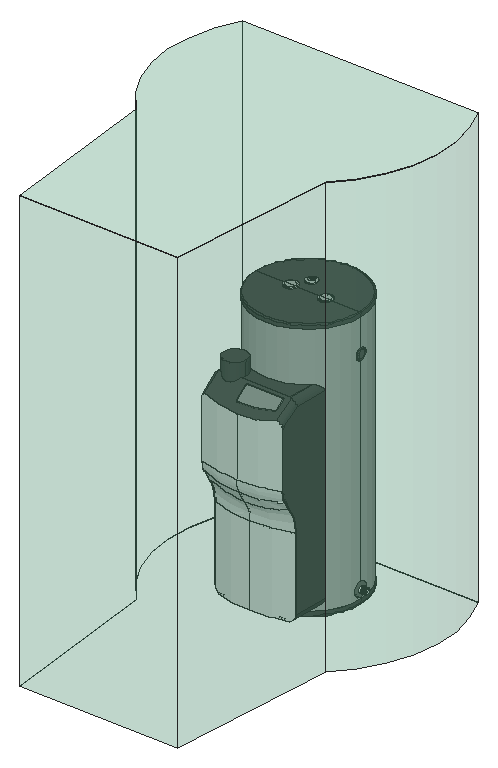
Revit family "Innovo GB_IR 32 285 GB LP", category Mechanical Equipment, Revit 2015
Parameters (values of type "IR-32-285 GB LP")
  Workspace Radius = Diameter + 170 mm  # 780 mm
  Workspace Height = Height + 1000 mm  # 2545 mm
  Workspace Front Distance = 1000 mm
  Working only during off-peak hour = no
  Width = Diameter  # 610 mm
  Workspace [instance] = yes
  Water heating energy efficiency class (2) = "-"
  Water heating energy efficiency class (1) = "A"  # constant formula
  Water heating energy efficiency (2) = "-"
  Water heating energy efficiency (1) = "92%"
  Warranty on tank = "36 months"  # constant formula
  Warranty on parts = "12 months"  # constant formula
  Voltage = 230 V  # constant formula
  Valve Height 02 = if(and(Height = 1745 mm, Diameter = 675 mm), 1518 mm, if(and(Height = 1745 mm, Diameter = 610 mm), 1534 mm, if(Height = 1545 mm, 1328 mm, 1070 mm)))  # 1328 mm
  Valve Height 01 = if(and(Diameter > 560 mm), 693 mm, 604 mm)  # 693 mm
  URL = "www.aosmith.co.uk"
  Type of Packaging = "Carton and Wood"  # constant formula
  Transport Weight = 136 kg
  Trade mark = "A.O. Smith"  # constant formula
  Thermostat temperature setting = 65 °C  # constant formula
  T&P Connection Rp = 1"
  Storage Capacity = 245.0 L
  Standard Set For = "G20"
  Stand-by Loss - daily (24h) = 0 W
  Stand-by Loss = 0 W
  Smart control = no
  Serial Number = "8717449286293"
  Seasonal Energy Efficiency Rating = [Energy Efficiency Rating (Hs, acc NEN-EN 89-1999)]  # 95
  Recovery Rate @ ΔT = 70°C = 380.0 L/s
  Recovery Rate @ ΔT = 55°C = 480.0 L/s
  Recovery Rate @ ΔT = 50°C = 530.0 L/s
  Recovery Rate @ ΔT = 44°C = 600.0 L/s
  Recovery Rate @ ΔT = 28°C = 960.0 L/s
  Product Instruction Link = ""
  Product Documentation Link = ""
  Precaustions during assembling, installation or maintenance = "see User, Installation, Service and Maintenance Manual"  # constant formula
  Power Consumption (peak) = 105 W
  Power Consumption (nominal) = 85 W
  Phase = 1
  Packaging Width = 786 mm  # constant formula
  Packaging Length = 946 mm  # constant formula
  Packaging Height = 1695 mm
  Other load profile = "-"
  Operating Weight = 381 kg
  Nominal Output = "30700"
  Nominal Heat Input (Net) = "29000"
  Nominal Heat Input (Gross) = "32200"
  Noice-level dB (A) = "<45"  # constant formula
  NOx Emissions mg/kWh = "37"
  NOx Emissions (air free, 0% O2) ppm = "24"
  Model identifier = "IR-32-245"
  Model = "IR-32-325 GB NAT"
  Min. Setpoint = 40 °C  # constant formula
  Max. Setpoint = 85 °C  # constant formula
  Max. Operating Pressure = 800000.0 Pa
  Max. Flue Gas Outlet Temperature = 65 °C
  Manufacturer Number = "E 7110"  # constant formula
  Manufacturer = "A.O. Smith Water Products Company b.v."  # constant formula
  Maintenance Interval = "12 months"  # constant formula
  Load profile = "XXL"
  Length = 780 mm  # constant formula
  Insulation Thickness = 44 mm
  Installation Type = "B23/C13/C33/C43/C53/C63"  # constant formula
  Indoor sound power level = "58 dB"
  Hot / Warm Water Connection R = 1"
  Height Warm Water Outlet = 1545 mm
  Height Gas Connection = 920 mm
  Height Flue Outlet = 1345 mm
  Height Cold Water Inlet = 170 mm
  Height Air Inlet = 1345 mm
  Height = 1545 mm
  Heating Up Time @ ΔT = 70°C = "31"
  Heating Up Time @ ΔT = 55°C = "24"
  Heating Up Time @ ΔT = 50°C = "22"
  Heating Up Time @ ΔT = 44°C = "20"
  Heating Up Time @ ΔT = 28°C = "13"
  Gas Supply Pressure = 2000.0 Pa
  Gas Flow Rate - Volume ltr/hr = "3.10"
  Gas Flow Rate - Mass kg/h = "n.a."
  Gas Connection R = 15"  # constant formula
  Gas Category = "II2E3P"  # constant formula
  Frequency = 50 Hz  # constant formula
  Flue Diameter - water heater = "80/125 mm/mm"  # constant formula
  Flue Diameter - parallel system = "2x80"  # constant formula
  Flue Diameter - concentric system = "80/125 mm/mm"  # constant formula
  Energy Efficiency Rating (Hs, acc NEN-EN 89-1999) = 95
  Energy Efficiency Rating (Hi, acc NEN-EN 89-1999) = 106
  Empty Weight = 120 kg
  Draw-off Capacity @ ΔT = 70°C after 90 min. = 710.0 L
  Draw-off Capacity @ ΔT = 70°C after 60 min. = 490.0 L
  Draw-off Capacity @ ΔT = 70°C after 30 min. = 330.0 L
  Draw-off Capacity @ ΔT = 70°C after 120 min. = 900.0 L
  Draw-off Capacity @ ΔT = 55°C after 90 min. = 930.0 L
  Draw-off Capacity @ ΔT = 55°C after 60 min. = 690.0 L
  Draw-off Capacity @ ΔT = 55°C after 30 min. = 440.0 L
  Draw-off Capacity @ ΔT = 55°C after 120 min. = 1200.0 L
  Draw-off Capacity @ ΔT = 50°C after 90 min. = 1100.0 L
  Draw-off Capacity @ ΔT = 50°C after 60 min. = 760.0 L
  Draw-off Capacity @ ΔT = 50°C after 30 min. = 500.0 L
  Draw-off Capacity @ ΔT = 50°C after 120 min. = 1300.0 L
  Draw-off Capacity @ ΔT = 44°C after 90 min. = 1200.0 L
  Draw-off Capacity @ ΔT = 44°C after 60 min. = 870.0 L
  Draw-off Capacity @ ΔT = 44°C after 30 min. = 570.0 L
  Draw-off Capacity @ ΔT = 44°C after 120 min. = 1500.0 L
  Draw-off Capacity @ ΔT = 28°C after 90 min. = 1900.0 L
  Draw-off Capacity @ ΔT = 28°C after 60 min. = 1400.0 L
  Draw-off Capacity @ ΔT = 28°C after 30 min. = 930.0 L
  Draw-off Capacity @ ΔT = 28°C after 120 min. = 2400.0 L
  Drain Valve Connection Rp = 3/4"  # constant formula
  Diameter = 610 mm
  Destination / Country = "UK & Ireland"  # constant formula
  Description = "Condensing High Efficiency Storage Water Heater"  # constant formula
  Default Setpoint = 65 °C  # constant formula
  Created By = "http://www.cadcompany.nl/"
  Condens Discharge Connection = 40 mm  # constant formula
  Cold Water Connection R = 3/4"  # constant formula
  Co2 Emissions (tol. +/- 1.0) vol% = "9.3"
  CE-PIN = "0063CQ3037"  # constant formula
  BIM Content Developer = "CAD & Company"  # constant formula
  Assembly Code = "D3010"
  Annual fuel consumption (2) = "-"
  Annual fuel consumption (1) = "21 GJ GCV"
  Annual electricity consumption (2) = "-"
  Annual electricity consumption (1) = "44 kWh"
  APS Pressure < = 210.0 Pa
  2nd Maintenance (general maintenance) = "12 months after installation"  # constant formula
  1e Maintenance (check-up) = "3 months after installation"  # constant formula
Reference planes
  plane 1 "Center (Front/Back)": y = 0
  plane 2: z = 0
  plane 3 "Center (Left/Right)": x = 0
  plane 4 "Pipe": through (-383.901, 912.349, 194.799) normal (-0.0879, -0.0879, 0.9923)
  plane 5 "footing": y = 118.925
  plane 6 "footing front": y = -237.85
  plane 7: x = -305
  plane 8: x = 305
  plane 9: z = 1545
Forms (mm)
  Revolve 1, solid, material "RAL 9005", detail levels medium+fine
    sketch origin (0, -237.85, 0) x (-1, 0, 0) y (0, 0, 1)
      loop
        line (0, 28.9) -> (-15, 28.9) -> (-15, 26.4) -> (-8.671, 26.4) -> (-8.671, 18) -> (-5.686, 18) -> (-6.626, 17.06) -> (-6.626, 12.06) -> (-8.671, 12.06) -> (-8.671, 10) -> (-10.031, 10) -> (-23.271, 5.181)
        arc (-23.271, 5.181) -> (-23.763, 4.836) -> (-24.017, 4.293) r 1.159
        line (-24.017, 4.293) -> (-24.017, 1.03)
        arc (-24.017, 1.03) -> (-23.715, 0.302) -> (-22.986, 0) r 1.03
        line (-22.986, 0) -> (0, 0) -> (0, 28.9)
      axis (0, 28.9) -> (0, 0)
    angle from 0 to 360
  Revolve 2, solid, material "RAL 9005", detail levels medium+fine
    sketch origin (0, 118.925, 0) x (-1, 0, 0) y (0, 0, 1)
      loop
        line (-205.984, 28.9) -> (-220.984, 28.9) -> (-220.984, 26.4) -> (-214.655, 26.4) -> (-214.655, 18) -> (-211.67, 18) -> (-212.61, 17.06) -> (-212.61, 12.06) -> (-214.655, 12.06) -> (-214.655, 10) -> (-216.015, 10) -> (-229.256, 5.181)
        arc (-229.256, 5.181) -> (-229.747, 4.836) -> (-230.001, 4.293) r 1.159
        line (-230.001, 4.293) -> (-230.001, 1.03)
        arc (-230.001, 1.03) -> (-229.699, 0.302) -> (-228.971, 0) r 1.03
        line (-228.971, 0) -> (-205.984, 0) -> (-205.984, 28.9)
      axis (-205.984, 28.9) -> (-205.984, 0)
    angle from 0 to 360
  Revolve 3, solid, material "RAL 9005", detail levels medium+fine
    sketch origin (0, 118.925, 0) x (-1, 0, 0) y (0, 0, 1)
      loop
        line (204.016, 28.9) -> (189.016, 28.9) -> (189.016, 26.4) -> (195.345, 26.4) -> (195.345, 18) -> (198.33, 18) -> (197.39, 17.06) -> (197.39, 12.06) -> (195.345, 12.06) -> (195.345, 10) -> (193.985, 10) -> (180.744, 5.181)
        arc (180.744, 5.181) -> (180.253, 4.836) -> (179.999, 4.293) r 1.159
        line (179.999, 4.293) -> (179.999, 1.03)
        arc (179.999, 1.03) -> (180.301, 0.302) -> (181.029, 0) r 1.03
        line (181.029, 0) -> (204.016, 0) -> (204.016, 28.9)
      axis (204.016, 28.9) -> (204.016, 0)
    angle from 0 to 360
Lines and regions (mm)
  symbolic lines
    curve 1: line (0, 280.06, 0) -> (0, -280.06, 0)
    curve 2: line (-280.06, 0, 0) -> (280.06, 0, 0)
  symbolic lines, style "Workspace"
    curve 3: line (681.142, 380.06, 0) -> (-681.142, 380.06, 0)
    curve 4: arc (-681.142, 380.06, 0) -> (-771.826, -112.627, 0) -> (-544.132, -558.856, 0) r 780
    curve 5: line (-544.132, -558.856, 0) -> (-454.283, -1517.825, 0)
    curve 6: line (-454.283, -1517.825, 0) -> (456.53, -1517.825, 0)
    curve 7: line (456.53, -1517.825, 0) -> (546.343, -556.695, 0)
    curve 8: arc (546.343, -556.695, 0) -> (772.048, -111.097, 0) -> (681.142, 380.06, 0) r 780
Dimensions and locks
  plane 5 "footing" to plane 1 "Center (Front/Back)" = 118.925 mm
  plane 1 "Center (Front/Back)" to plane 6 "footing front" = 237.85 mm
  "Diameter": plane 7 to plane 8
  equal spacing: plane 7, plane 3 "Center (Left/Right)", plane 8
  "Height": plane 9 to plane 2
  "Workspace Front Distance": curve 6 to nested 3
  "Workspace Radius": radius of curve 4
  "Workspace Radius": radius of curve 8
  aligned and locked: level to plane 2
  aligned and locked: nested 3 to Revolve 1 sketch curve
  aligned and locked: plane 3 "Center (Left/Right)" to Revolve 1 sketch curve
  aligned and locked: nested 3 to plane 1 "Center (Front/Back)"
  aligned and locked: plane 3 "Center (Left/Right)" to nested 3
  aligned and locked: nested 1 to plane 8
  aligned and locked: nested 5 to plane 8
  aligned and locked: nested 2 to plane 7
  aligned and locked: nested 4 to plane 7
  aligned and locked: nested 7 to plane 7
  aligned and locked: nested 8 to plane 3 "Center (Left/Right)"
  aligned and locked: plane 1 "Center (Front/Back)" to nested 8
  aligned and locked: nested 8 to nested 3
  aligned and locked: curve 5 to nested 8
  aligned and locked: curve 7 to nested 8
  aligned and locked: curve 3 to nested 8
Automatic sketch dimensions
  Revolve 1 sketch curve to level = 0 mm
  plane 3 "Center (Left/Right)" to Revolve 1 sketch curve = 5.686 mm
  Revolve 1 sketch curve to Revolve 1 sketch curve = 0.94 mm  (x2)
  Revolve 1 sketch curve to Revolve 1 sketch curve = 2.046 mm  (x2)
  Revolve 1 sketch curve to Revolve 1 sketch curve = 1.359 mm
  Revolve 1 sketch curve to Revolve 1 sketch curve = 6.329 mm
  level to Revolve 1 sketch curve = 4.091 mm
  Revolve 1 sketch curve to Revolve 1 sketch curve = 12.844 mm
  level to Revolve 1 sketch curve = 1.03 mm
  Revolve 1 sketch curve to Revolve 1 sketch curve = 0.111 mm
  level to Revolve 1 sketch curve = 5.181 mm
  Revolve 1 sketch curve to Revolve 1 sketch curve = 0.745 mm
  level to Revolve 1 sketch curve = 10 mm
  Revolve 1 sketch curve to Revolve 1 sketch curve = 2.06 mm
  Revolve 1 sketch curve to Revolve 1 sketch curve = 5 mm
  Revolve 1 sketch curve to Revolve 1 sketch curve = 8.4 mm
  Revolve 1 sketch curve to Revolve 1 sketch curve = 2.5 mm
  Revolve 1 sketch curve to level = 19.635 mm
  Revolve 1 sketch curve to Revolve 1 sketch curve = 46.465 mm
  Revolve 2 sketch curve to level = 0 mm
  level to Revolve 2 sketch curve = 1.03 mm
  Revolve 2 sketch curve to plane 8 = 74.999 mm
  level to Revolve 2 sketch curve = 5.181 mm
  Revolve 2 sketch curve to Revolve 2 sketch curve = 0.745 mm
  Revolve 2 sketch curve to Revolve 2 sketch curve = 0.397 mm
  Revolve 2 sketch curve to Revolve 2 sketch curve = 8.271 mm
  Revolve 2 sketch curve to Revolve 2 sketch curve = 13.241 mm
  Revolve 2 sketch curve to Revolve 2 sketch curve = 1.359 mm
  Revolve 2 sketch curve to Revolve 2 sketch curve = 6.329 mm
  Revolve 2 sketch curve to Revolve 2 sketch curve = 2.046 mm
  level to Revolve 2 sketch curve = 18 mm
  Revolve 2 sketch curve to Revolve 2 sketch curve = 0.94 mm  (x2)
  Revolve 2 sketch curve to Revolve 2 sketch curve = 8.671 mm
  Revolve 2 sketch curve to Revolve 2 sketch curve = 1.089 mm
  Revolve 2 sketch curve to Revolve 2 sketch curve = 8 mm
  Revolve 2 sketch curve to Revolve 2 sketch curve = 2.06 mm
  Revolve 2 sketch curve to Revolve 2 sketch curve = 8.4 mm
  Revolve 2 sketch curve to Revolve 2 sketch curve = 2.5 mm
  Revolve 2 sketch curve to Revolve 2 sketch curve = 0 mm
  Revolve 2 sketch curve to level = 19.635 mm
  Revolve 2 sketch curve to Revolve 2 sketch curve = 46.465 mm
  Revolve 3 sketch curve to level = 0 mm
  level to Revolve 3 sketch curve = 1.03 mm
  Revolve 3 sketch curve to plane 7 = 125.001 mm
  level to Revolve 3 sketch curve = 5.181 mm
  Revolve 3 sketch curve to Revolve 3 sketch curve = 0.745 mm
  Revolve 3 sketch curve to Revolve 3 sketch curve = 0.397 mm
  Revolve 3 sketch curve to Revolve 3 sketch curve = 8.271 mm
  Revolve 3 sketch curve to Revolve 3 sketch curve = 13.241 mm
  Revolve 3 sketch curve to Revolve 3 sketch curve = 1.359 mm
  Revolve 3 sketch curve to Revolve 3 sketch curve = 6.329 mm
  Revolve 3 sketch curve to Revolve 3 sketch curve = 2.046 mm
  level to Revolve 3 sketch curve = 18 mm
  Revolve 3 sketch curve to Revolve 3 sketch curve = 0.94 mm  (x2)
  Revolve 3 sketch curve to Revolve 3 sketch curve = 8.671 mm
  Revolve 3 sketch curve to Revolve 3 sketch curve = 1.089 mm
  Revolve 3 sketch curve to Revolve 3 sketch curve = 8 mm
  Revolve 3 sketch curve to Revolve 3 sketch curve = 2.06 mm
  Revolve 3 sketch curve to Revolve 3 sketch curve = 8.4 mm
  Revolve 3 sketch curve to Revolve 3 sketch curve = 2.5 mm
  Revolve 3 sketch curve to Revolve 3 sketch curve = 0 mm
  Revolve 3 sketch curve to level = 19.635 mm
  Revolve 3 sketch curve to Revolve 3 sketch curve = 46.465 mm
  curve 4 to curve 8 = 0 mm  (x2)
  plane 1 "Center (Front/Back)" to curve 2 = 0 mm
  curve 1 to plane 3 "Center (Left/Right)" = 0 mm
  plane 1 "Center (Front/Back)" to curve 4 = 0 mm
  curve 4 to plane 3 "Center (Left/Right)" = 0 mm
  curve 2 to plane 7 = 24.94 mm
  curve 2 to plane 8 = 24.94 mm
  curve 1 to plane 6 "footing front" = 42.21 mm
  plane 5 "footing" to curve 1 = 161.135 mm
Nested families
  nested 1: "Valve" at (305, -0.38, 1328) x (0, 1, 0) z (0, 0, 1), built-in parameter 1001364 <- "Valve Height 02", type "Valve"
  nested 2: "Drain Valve" at (-305, 0, 1328), built-in parameter 1001364 <- "Valve Height 02", type "Drain Valve"
  nested 3: "Housing Mother Housing S 57 (external)" at (0, -299.886, 0), type "Housing Mother_Housing S_57"
    with radius 305 mm, distance to boiler center 154 mm, diameter 610 mm
  nested 4: "Drain Valve" at (-305, 0, 177), type "Drain Valve"
  nested 5: "Drain Valve" at (305, 0, 107) x (-1, 0, 0) z (0, 0, 1), type "Drain Valve"
  nested 6: "Boiler" at (0, 0, 0), height <- "Height", type "Boiler"
    with height 1545 mm, radius 305 mm, Diameter 610 mm
  nested 7: "Drain Valve" at (-305, 0, 693), built-in parameter 1001364 <- "Valve Height 01", type "Drain Valve"
  nested 8: "Innovo_workspace" at (0, 0, 0), Workspace <- "Workspace", Workspace Distance Front <- "Workspace Front Distance", Workspace Height <- "Workspace Height", Workspace Radius <- "Workspace Radius", type "Workspace"
    with Workspace Radius 780 mm, Workspace Height 2545 mm, Workspace Distance Front 1000 mm, Workspace yes, Center to Front 517.825 mm
Connectors
  piping at (339.826, 0, 107), diameter 19.05, driven by "Drain Valve Connection Rp"
    settings: on nested 5, index 1, connector inside diameter 24", connector length 0 mm, flow factor 0, pipe flow 0.0 L/s, pressure drop 0.0 Pa, fitting loss kfactor 0, connector angle 0.00°, fixture units 0, engagement length 0 mm, angle of deflection 0.00°, flow configuration 0, flow direction 0, fitting loss method 0, system type 19, joint type 0, gender type 0, connector reference index -1, connector utility 0, adjustable connector no, is connector primary yes, connector description ""
  hvac at (-147.013, -346.326, 1310.674)
    settings: on nested 3, index 2, duct flow 0.0 L/s, flow factor 0, pres drop 0.0 Pa, loss coef 0, conn angle 0.00°, conn width 304.8 mm, conn height 304.8 mm, conn diameter 125 mm, duct sys type 4, conn prof type 0, flow config 0, flow direction 0, loss method 0, conn ref index -1, conn util no, is conn primary yes, conn desc ""
Definition of nested family "Valve"
  Parameters (values of type "Valve")
    Type Comments = "T&P valve (internal)"
    Manufacturer = "A.O. Smith"
  Reference planes
    plane 1 "Center (Front/Back)": y = 0
    plane 2: z = 0
    plane 3 "Center (Left/Right)": x = 0
  Forms (mm)
    Extrusion 1, solid, detail levels fine
      sketch origin (0, 0, 0) x (1, 0, 0) y (0, 0, 1)
        loop
          circle (0, 0) r 31.5
      from -2.271 to 1.4
    Sweep 2, solid, detail levels fine
      path origin (0, -1.4, 0) x (1, 0, 0) y (0, 0, 1)
        loop
          circle (0, 0) r 31.5
      profile origin (0, -1.4, 31.5) x (0, 0, -1) y (0, -1, 0)
        loop
          line (7.3, 0) -> (7.3, 3) -> (0, 0) -> (7.3, 0)
  Dimensions and locks
    aligned and locked: level to plane 2
Definition of nested family "Drain Valve"
  Reference planes
    plane 1 "Center (Front/Back)": y = 0
    plane 2: z = 0
    plane 3 "Center (Left/Right)": x = 0
  Forms (mm)
    Revolve 1, solid, detail levels medium+fine
      sketch origin (0, 0, 0) x (1, 0, 0) y (0, 0, 1)
        loop
          line (-33.442, 15.696) -> (-34.826, 14.329) -> (-34.93, 12.731) -> (-16.555, 12.731) -> (-16.555, 0) -> (15.787, 0) -> (15.787, 18.3) -> (-14.4, 18.3) -> (-17.148, 15.533) -> (-18.729, 16.697) -> (-20.091, 15.333) -> (-21.672, 16.496) -> (-23.034, 15.133) -> (-24.614, 16.296) -> (-25.976, 14.932) -> (-27.557, 16.096) -> (-28.919, 14.732) -> (-30.5, 15.896) -> (-31.862, 14.532) -> (-33.442, 15.696)
        axis (-34.93, 0) -> (15.787, 0)
      angle from 0 to 360
  Dimensions and locks
    aligned and locked: level to plane 2
  Nested families
    nested 1: "Rubber sealing" at (2.592, -0.155, 0) x (0.0023, -1, 0) z (0, 0, 1), type "Rubber sealing", detail levels fine
  Definition of nested family "Rubber sealing"
    Reference planes
      plane 1 "Center (Front/Back)": y = 0
      plane 2: z = 0
      plane 3 "Center (Left/Right)": x = 0
    Forms (mm)
      Extrusion 1, solid, detail levels fine
        sketch origin (141.861, 319.581, 0) x (1, 0, 0) y (0, 1, 0)
          loop
            line (-216.354, -311.898) -> (-216.354, -313.94)
            arc (-216.354, -313.94) -> (-141.602, -321.581) -> (-66.861, -313.835) r 366.966
            line (-66.861, -313.835) -> (-66.861, -311.791)
            arc (-66.861, -311.791) -> (-141.602, -319.581) -> (-216.354, -311.898) r 364.966
        from -80 to 80
      Extrusion 2, void
        sketch origin (141.861, 319.581, 0) x (1, 0, 0) y (0, 0, 1)
          loop
            circle (-141.861, 0) r 13
          loop
            circle (-141.861, 0) r 110
          loop
            circle (-141.861, 0) r 40
        from 311.563 to 332.684
      Extrusion 3, void
        sketch origin (141.861, 319.581, 0) x (1, 0, 0) y (0, 0, 1)
          loop
            circle (-141.861, 0) r 18.25
        from 315.524 to 326.084
    Cuts and joins
      Extrusion 2, Extrusion 3 cuts Extrusion 1
    Dimensions and locks
      aligned and locked: level to plane 2
Definition of nested family "Housing Mother Housing S 57 (external)"
  Parameters (values of type "Housing Mother_Housing S_57")
    radius [instance] = 280 mm
    distance to boiler center = if(diameter = 675 mm, 189 mm, if(diameter = 610 mm, 154 mm, 129 mm))  # 129 mm
    diameter = 560 mm
  Reference planes
    plane 1 "Center (Front/Back)": y = 0
    plane 2: z = 0
    plane 3 "Center (Left/Right)": x = 0
    plane 4 "left": through (-245.286, 145.886, 1200) normal (0.9994, 0.0349, 0)
    plane 5: y = -217.939
    plane 6: y = 145.886
    plane 7: z = 1232.6
    plane 8: z = 65.89
    plane 9 "right": through (245.286, 145.886, 1200) normal (0.9994, -0.0349, 0)
    plane 10 "display": through (0, -90.37, 1221.196) normal (0, -0.5736, 0.8192)
    plane 11 "Potentiostat": z = 867.899
    plane 12 "boiler center": y = 274.886
    plane 13: x = -280
    plane 14: x = 280
  Forms (mm)
    Extrusion 1, solid
      sketch origin (0, 0, 0) x (1, 0, 0) y (0, 1, 0)
        loop
          line (-245.286, 145.886) -> (-232.581, -217.939) -> (232.581, -217.939) -> (245.286, 145.886)
          arc (245.286, 145.886) -> (0, 0.923) -> (-245.286, 145.886) r 280
      from 0 to 1232.6
    Sweep 2, void
      path origin (0, 0, 0) x (0, 1, 0) y (0, 0, 1)
        loop
          line (-217.939, 1232.6) -> (-217.939, 795.555)
          arc (-217.939, 795.555) -> (-212.387, 754.285) -> (-197.694, 715.322) r 183.924
          arc (-197.694, 715.322) -> (-179.915, 684.628) -> (-159.106, 655.901) r 348.284
          arc (-159.106, 655.901) -> (-131.411, 600.328) -> (-121.88, 538.973) r 202.254
          line (-121.88, 538.973) -> (-121.88, 61.106)
      profile origin (0, -217.939, 1014.077) x (1, 0, 0) y (0, 1, 0)
        loop
          arc (0, 0) -> (-117.533, 9.941) -> (-231.728, 39.475) r 699.984
          arc (-231.728, 39.475) -> (-233.391, 40.705) -> (-234.07, 42.659) r 3.505
          line (-234.07, 42.659) -> (-254.062, 42.659) -> (-254.062, -142.593) -> (254.07, -142.593) -> (254.07, 42.659) -> (234.07, 42.659)
          arc (234.07, 42.659) -> (233.391, 40.705) -> (231.728, 39.475) r 3.505
          arc (231.728, 39.475) -> (117.533, 9.941) -> (0, 0) r 699.984
    Extrusion 3, void
      sketch origin (0, 0, 0) x (0, 1, 0) y (0, 0, 1)
        loop
          arc (102.864, 70.869) -> (99.804, 70.709) -> (96.874, 69.813) r 12.57
          arc (96.874, 69.813) -> (87.878, 66.533) -> (78.516, 64.529) r 69.114
          arc (78.516, 64.529) -> (76.41, 64.284) -> (74.294, 64.148) r 41.206
          arc (74.294, 64.148) -> (65.203, 64.335) -> (56.122, 64.782) r 318.661
          arc (56.122, 64.782) -> (30.585, 66.179) -> (5.028, 67.128) r 1456.581
          line (5.028, 67.128) -> (-84.534, 73.135)
          arc (-84.534, 73.135) -> (-86.363, 73.808) -> (-87.536, 75.365) r 3.455
          line (-87.536, 75.365) -> (-264.473, 75.365) -> (-264.473, 0) -> (160.886, 0) -> (160.886, 103.945) -> (145.886, 103.945)
          arc (145.886, 103.945) -> (145.104, 97.827) -> (142.923, 92.059) r 26.364
          arc (142.923, 92.059) -> (141.067, 88.936) -> (138.867, 86.045) r 31.715
          arc (138.867, 86.045) -> (135.576, 82.49) -> (132.021, 79.2) r 62.615
          arc (132.021, 79.2) -> (125.841, 74.697) -> (119.091, 71.103) r 54.444
          arc (119.091, 71.103) -> (116.371, 70.272) -> (113.531, 70.123) r 11.669
          line (113.531, 70.123) -> (102.864, 70.869)
      from -254.062 to 254.07
    Sweep 4, void
      path origin (0, 0, 0) x (1, 0, 0) y (0, 1, 0)
        loop
          line (-245.286, 145.886) -> (-232.581, -217.939)
      profile origin (-238.933, -36.027, 0) x (0.999391, 0.034899, 0) y (0, 0, 1)
        loop
          line (-4.454, 0) -> (47.084, 0) -> (47.084, 73.431)
          arc (47.084, 73.431) -> (14.222, 85.134) -> (0.255, 117.1) r 43.922
          line (0.255, 117.1) -> (-4.454, 117.1) -> (-4.454, 0)
    Sweep 5, void
      path origin (0, 0, 0) x (-1, 0, 0) y (0, 1, 0)
        loop
          line (-245.286, 145.886) -> (-232.581, -217.939)
      profile origin (238.933, -36.027, 0) x (0.999391, -0.034899, 0) y (0, 0, 1)
        loop
          line (4.454, 0) -> (4.454, 117.1) -> (-0.255, 117.1)
          arc (-0.255, 117.1) -> (-14.222, 85.134) -> (-47.084, 73.431) r 43.922
          line (-47.084, 73.431) -> (-47.084, 0) -> (4.454, 0)
    Sweep 6, void
      path origin (-239.899, -8.377, 0) x (-0.034899, 0.999391, 0) y (0, 0, 1)
        loop
          line (-209.69, 1141.272) -> (-79.18, 1232.6) -> (154.358, 1232.6)
      profile origin (-241.211, 29.188, 1232.6) x (0, 0, 1) y (0.999391, 0.034899, 0)
        loop
          line (-45, -30) -> (75, -30) -> (75, 0) -> (75, 55) -> (2.799, 55) -> (-1.253, 35.128)
          arc (-1.253, 35.128) -> (-16.771, 9.564) -> (-45, -0.308) r 44.287
          line (-45, -0.308) -> (-45, -30)
    Sweep 7, void
      path origin (239.899, -8.377, 0) x (0.034899, 0.999391, 0) y (0, 0, 1)
        loop
          line (-209.69, 1141.272) -> (-79.18, 1232.6) -> (154.358, 1232.6)
      profile origin (241.211, 29.188, 1232.6) x (0, 0, -1) y (-0.999391, 0.034899, 0)
        loop
          line (-75, -25) -> (45, -25) -> (45, -0.308)
          arc (45, -0.308) -> (16.771, 9.564) -> (1.253, 35.128) r 44.287
          line (1.253, 35.128) -> (-2.799, 55) -> (-75, 55) -> (-75, -25)
    Extrusion 8, void
      sketch origin (0, 0, 0) x (0, 1, 0) y (0, 0, 1)
        loop
          line (-270, 1336.099) -> (-270, 1099.081) -> (68.497, 1336.099) -> (-270, 1336.099)
      from -425.038 to 444.42
    Extrusion 9, solid, detail levels medium+fine
      sketch origin (0, 0, 0) x (1, 0, 0) y (0, 1, 0)
        loop
          circle (-147.013, -46.44) r 65
      from 1163.174 to 1310.674
    Extrusion 10, void
      sketch origin (0, -603.506, 861.895) x (0, 0.819152, 0.573576) y (-1, 0, 0)
        loop
          arc (618.322, -173) -> (623.272, -170.95) -> (625.322, -166) r 7
          line (625.322, -166) -> (625.322, 35)
          arc (625.322, 35) -> (623.272, 39.95) -> (618.322, 42) r 7
          line (618.322, 42) -> (535.473, 42)
          arc (535.473, 42) -> (530.688, 40.11) -> (528.488, 35.46) r 7
          arc (528.488, 35.46) -> (531.569, -67.592) -> (554.18, -168.18) r 540
          arc (554.18, -168.18) -> (556.724, -171.668) -> (560.831, -173) r 7
          line (560.831, -173) -> (618.322, -173)
      from 0 to 137.286
    Sweep 11, solid, detail levels fine
      path origin (0, 0, 867.899) x (-1, 0, 0) y (0, -1, 0)
        loop
          line (309.749, -35.617) -> (204.371, -35.617)
          arc (204.371, -35.617) -> (196.509, -34.687) -> (189.082, -31.947) r 33.677
          line (189.082, -31.947) -> (-9.574, 69.274)
      profile origin (-257.06, 35.617, 867.899) x (0, 1, 0) y (0, 0, 1)
        loop
          circle (0, 0) r 7.316
        loop
          circle (0, 0) r 6.465
    Revolve 12, void
      sketch origin (0, 274.886, 0) x (-1, 0, 0) y (0, 0, 1)
        loop
          line (280, 1243.838) -> (0, 1243.838) -> (0, 54.9) -> (280, 54.9) -> (280, 1243.838)
        axis (0, 1243.838) -> (0, 54.9)
      angle from 0 to 360
  Cuts and joins
    Sweep 2, Extrusion 3, Sweep 4, Sweep 5, Sweep 6, Sweep 7, Extrusion 8, Extrusion 10, Revolve 12 cuts Extrusion 1
  Dimensions and locks
    plane 8 to plane 2 = 65.89 mm
    plane 7 to plane 8 = 1166.71 mm
    "distance to boiler center": plane 12 "boiler center" to plane 6
    "diameter": plane 14 to plane 13
    equal spacing: plane 14, plane 3 "Center (Left/Right)", plane 13
    "radius": plane 3 "Center (Left/Right)" to plane 13
    aligned and locked: level to plane 2
    aligned and locked: Extrusion 1 to plane 7
    aligned and locked: Extrusion 1 sketch curve to plane 5
    aligned and locked: Sweep 2 to Extrusion 3
    aligned and locked: Extrusion 3 to Sweep 2  (x2)
    aligned and locked: plane 7 to Sweep 2 sketch curve
    aligned and locked: plane 3 "Center (Left/Right)" to Revolve 12 sketch curve
    aligned and locked: Revolve 12 sketch curve to plane 3 "Center (Left/Right)"
    aligned and locked: plane 13 to Revolve 12 sketch curve
  Automatic sketch dimensions
    Extrusion 1 sketch curve to plane 4 "left" = 0 mm  (x2)
    Extrusion 1 sketch curve to plane 6 = 0 mm  (x2)
    Extrusion 1 sketch curve to plane 3 "Center (Left/Right)" = 0 mm
    Extrusion 1 sketch curve to plane 9 "right" = 0 mm
    plane 6 to Extrusion 1 sketch curve = 135.037 mm
    Sweep 2 sketch curve to plane 5 = 0 mm
    plane 5 to Sweep 2 sketch curve = 106.195 mm
    Sweep 2 sketch curve to plane 5 = 96.059 mm
    plane 1 "Center (Front/Back)" to Sweep 2 sketch curve = 34.053 mm
    plane 11 "Potentiostat" to Sweep 2 sketch curve = 6.417 mm
    Sweep 2 sketch curve to plane 6 = 33.705 mm
    Sweep 2 sketch curve to plane 11 "Potentiostat" = 68.615 mm
    Sweep 2 sketch curve to plane 11 "Potentiostat" = 72.345 mm
    Sweep 2 sketch curve to Sweep 2 sketch curve = 176.349 mm
    Sweep 2 sketch curve to Sweep 2 sketch curve = 0 mm  (x2)
    plane 8 to Sweep 2 sketch curve = 4.784 mm
    Extrusion 3 sketch curve to level = 0 mm
    Extrusion 3 sketch curve to plane 6 = 0 mm
    Extrusion 3 sketch curve to plane 6 = 26.363 mm
    Extrusion 3 sketch curve to Extrusion 3 sketch curve = 4.75 mm
    Extrusion 3 sketch curve to Extrusion 3 sketch curve = 5.179 mm
    Extrusion 3 sketch curve to plane 8 = 4.232 mm
    Extrusion 3 sketch curve to Extrusion 3 sketch curve = 0.814 mm
    Extrusion 3 sketch curve to plane 8 = 4.978 mm
    Extrusion 3 sketch curve to Extrusion 3 sketch curve = 10.667 mm
    Extrusion 3 sketch curve to Extrusion 3 sketch curve = 0.877 mm
    Extrusion 3 sketch curve to Extrusion 3 sketch curve = 17.827 mm
    Extrusion 3 sketch curve to Extrusion 3 sketch curve = 5.646 mm
    Extrusion 3 sketch curve to plane 6 = 69.562 mm
    Extrusion 3 sketch curve to Extrusion 3 sketch curve = 18.6 mm
    Extrusion 3 sketch curve to Extrusion 3 sketch curve = 22.538 mm
    Extrusion 3 sketch curve to plane 8 = 1.238 mm
    Extrusion 3 sketch curve to plane 1 "Center (Front/Back)" = 5.028 mm
    plane 1 "Center (Front/Back)" to Extrusion 3 sketch curve = 36.224 mm
    Extrusion 3 sketch curve to plane 8 = 10.692 mm
    plane 1 "Center (Front/Back)" to Extrusion 3 sketch curve = 84.302 mm
    Extrusion 3 sketch curve to plane 8 = 7.244 mm
    Extrusion 3 sketch curve to Extrusion 3 sketch curve = 0.231 mm
    Extrusion 3 sketch curve to Extrusion 3 sketch curve = 3.234 mm
    plane 5 to Extrusion 3 sketch curve = 46.534 mm
    plane 6 to Extrusion 3 sketch curve = 15 mm
    Extrusion 3 sketch curve to level = 1388.869 mm
    plane 8 to Extrusion 3 sketch curve = 7.561 mm
    Extrusion 3 sketch curve to Extrusion 3 sketch curve = 11.64 mm
    Extrusion 3 sketch curve to plane 8 = 38.054 mm
    Extrusion 3 sketch curve to Extrusion 3 sketch curve = 22.442 mm
    Extrusion 3 sketch curve to plane 8 = 39.432 mm
    Extrusion 3 sketch curve to Extrusion 3 sketch curve = 2.466 mm
    Extrusion 3 sketch curve to Extrusion 3 sketch curve = 14.17 mm
    Extrusion 3 sketch curve to Extrusion 3 sketch curve = 5.925 mm
    Extrusion 3 sketch curve to Extrusion 3 sketch curve = 6.186 mm
    Extrusion 3 sketch curve to Extrusion 3 sketch curve = 249.85 mm
    Extrusion 3 sketch curve to Extrusion 3 sketch curve = 0 mm  (x4)
    Extrusion 3 sketch curve to Extrusion 3 sketch curve = 6.845 mm
    plane 8 to Extrusion 3 sketch curve = 1.743 mm
    Sweep 4 sketch curve to plane 4 "left" = 0 mm  (x2)
    Sweep 4 sketch curve to plane 6 = 0 mm
    plane 5 to Sweep 4 sketch curve = 0 mm
    Sweep 4 sketch curve to level = 0 mm
    profile plane to Sweep 4 sketch curve = 4.454 mm
    Sweep 4 sketch curve to profile plane = 0.255 mm
    Sweep 4 sketch curve to Sweep 4 sketch curve = 43.922 mm
    Sweep 4 sketch curve to profile plane = 47.084 mm
    level to Sweep 4 sketch curve = 73.431 mm
    Sweep 4 sketch curve to Sweep 4 sketch curve = 43.669 mm
    Sweep 5 sketch curve to plane 6 = 0 mm
    Sweep 5 sketch curve to plane 9 "right" = 0 mm  (x2)
    plane 5 to Sweep 5 sketch curve = 0 mm
    Sweep 5 sketch curve to level = 0 mm
    profile plane to Sweep 5 sketch curve = 47.084 mm
    Sweep 5 sketch curve to Sweep 5 sketch curve = 2.907 mm
    profile plane to Sweep 5 sketch curve = 0.255 mm
    Sweep 5 sketch curve to profile plane = 4.454 mm
    level to Sweep 5 sketch curve = 73.431 mm
    Sweep 5 sketch curve to Sweep 5 sketch curve = 43.669 mm
    Sweep 6 sketch curve to plane 7 = 0 mm
    plane 7 to Sweep 6 sketch curve = 91.328 mm
    Sweep 6 sketch curve to Sweep 6 sketch curve = 130.509 mm
    Sweep 6 sketch curve to Sweep 6 sketch curve = 233.538 mm
    Sweep 6 sketch curve to plane 4 "left" = 0 mm
    profile plane to Sweep 6 sketch curve = 45 mm
    Sweep 6 sketch curve to Sweep 6 sketch curve = 0.354 mm
    profile plane to Sweep 6 sketch curve = 1.253 mm
    Sweep 6 sketch curve to profile plane = 2.799 mm
    Sweep 6 sketch curve to Sweep 6 sketch curve = 72.201 mm
    Sweep 6 sketch curve to plane 4 "left" = 0.308 mm
    Sweep 6 sketch curve to Sweep 6 sketch curve = 29.692 mm
    plane 4 "left" to Sweep 6 sketch curve = 35.128 mm
    plane 4 "left" to Sweep 6 sketch curve = 55 mm
    Sweep 7 sketch curve to plane 7 = 0 mm
    Sweep 7 sketch curve to plane 7 = 91.328 mm
    Sweep 7 sketch curve to Sweep 7 sketch curve = 130.509 mm
    Sweep 7 sketch curve to Sweep 7 sketch curve = 233.538 mm
    Sweep 7 sketch curve to plane 9 "right" = 25 mm
    profile plane to Sweep 7 sketch curve = 75 mm
    profile plane to Sweep 7 sketch curve = 2.799 mm
    Sweep 7 sketch curve to profile plane = 1.253 mm
    Sweep 7 sketch curve to Sweep 7 sketch curve = 43.393 mm
    Sweep 7 sketch curve to profile plane = 45 mm
    Sweep 7 sketch curve to plane 9 "right" = 0.308 mm
    plane 9 "right" to Sweep 7 sketch curve = 35.128 mm
    Sweep 7 sketch curve to Sweep 7 sketch curve = 19.872 mm
    plane 5 to Extrusion 8 sketch curve = 52.061 mm
    Extrusion 8 sketch curve to plane 1 "Center (Front/Back)" = 68.497 mm
    plane 7 to Extrusion 8 sketch curve = 133.519 mm
    Extrusion 8 sketch curve to plane 7 = 103.499 mm
    plane 1 "Center (Front/Back)" to Extrusion 9 sketch curve = 46.44 mm
    Extrusion 9 sketch curve to plane 3 "Center (Left/Right)" = 147.013 mm
    Extrusion 10 sketch curve to plane 3 "Center (Left/Right)" = 0 mm
    Extrusion 10 sketch curve to plane 3 "Center (Left/Right)" = 35 mm
    Extrusion 10 sketch curve to Extrusion 10 sketch curve = 25.359 mm
    Extrusion 10 sketch curve to Extrusion 10 sketch curve = 57.491 mm
    Extrusion 10 sketch curve to plane 3 "Center (Left/Right)" = 42 mm
    Extrusion 10 sketch curve to Extrusion 10 sketch curve = 82.85 mm
    Extrusion 10 sketch curve to Extrusion 10 sketch curve = 7 mm
    Extrusion 10 sketch curve to Extrusion 10 sketch curve = 442 mm
    plane 3 "Center (Left/Right)" to Extrusion 10 sketch curve = 166 mm
    Extrusion 10 sketch curve to Extrusion 10 sketch curve = 0 mm  (x2)
    Sweep 11 sketch curve to plane 1 "Center (Front/Back)" = 31.947 mm
    Sweep 11 sketch curve to plane 3 "Center (Left/Right)" = 189.082 mm
    Sweep 11 sketch curve to plane 1 "Center (Front/Back)" = 1.94 mm
    Sweep 11 sketch curve to Sweep 11 sketch curve = 15.289 mm
    plane 3 "Center (Left/Right)" to Sweep 11 sketch curve = 9.574 mm
    Sweep 11 sketch curve to Sweep 11 sketch curve = 105.378 mm
    plane 1 "Center (Front/Back)" to Sweep 11 sketch curve = 69.274 mm
    Sweep 11 sketch curve to Sweep 11 sketch curve = 0 mm  (x2)
    Sweep 11 sketch curve to plane 11 "Potentiostat" = 0 mm
    Sweep 11 sketch curve to profile plane = 0 mm
    plane 8 to Revolve 12 sketch curve = 10.99 mm
    Revolve 12 sketch curve to plane 7 = 11.238 mm
    Revolve 12 sketch curve to level = 366.045 mm
    Revolve 12 sketch curve to Revolve 12 sketch curve = 971.917 mm
    Sweep 2 sketch curve to plane 3 "Center (Left/Right)" = 0 mm
    profile plane to Sweep 2 sketch curve = 0 mm
    Sweep 2 sketch curve to plane 3 "Center (Left/Right)" = 0.016 mm
    Sweep 2 sketch curve to profile plane = 42.782 mm  (x2)
    Sweep 2 sketch curve to plane 3 "Center (Left/Right)" = 230.568 mm
    plane 3 "Center (Left/Right)" to Sweep 2 sketch curve = 0.016 mm
    plane 3 "Center (Left/Right)" to Sweep 2 sketch curve = 230.568 mm
    Sweep 2 sketch curve to Sweep 2 sketch curve = 3.502 mm  (x2)
    Sweep 2 sketch curve to Sweep 2 sketch curve = 20 mm
    profile plane to Sweep 2 sketch curve = 142.593 mm
    Sweep 2 sketch curve to Sweep 2 sketch curve = 0.122 mm  (x2)
    Sweep 2 sketch curve to Sweep 2 sketch curve = 657.203 mm
    Sweep 2 sketch curve to Sweep 2 sketch curve = 19.991 mm
    radius of Extrusion 9 sketch curve = 65 mm
    radius of Sweep 11 sketch curve = 7.316 mm
    radius of Sweep 11 sketch curve = 6.465 mm
  Nested families
    nested 1: "display" at (65.5, -130.939, 1192.79) x (-1, 0, 0) z (0, -0.5736, 0.8192), type "display"
  Definition of nested family "display"
    Parameters (values of type "display")
      Default Elevation = 1219.2 mm
    Reference planes
      plane 1 "Center (Front/Back)": y = 0
      plane 2: z = 0
      plane 3 "Center (Left/Right)": x = 0
    Forms (mm)
      Extrusion 1, solid, detail levels medium+fine
        sketch origin (-16.958, 11.842, -343.878) x (1, 0, 0) y (0, 0, -1)
          loop
            line (-233.523, -343.878) -> (-233.523, -346.592) -> (332.686, -346.592) -> (332.686, -343.878) -> (-233.523, -343.878)
        from -228.7 to 150.822
      Extrusion 2, void
        sketch origin (-16.958, 6.842, -343.878) x (1, 0, 0) y (0, 1, 0)
          loop
            line (-233.523, 155.822) -> (-233.523, -223.7) -> (332.686, -223.7) -> (332.686, 155.822) -> (-233.523, 155.822)
          loop
            arc (-90.542, -48.267) -> (-88.492, -53.216) -> (-83.542, -55.267) r 7
            line (-83.542, -55.267) -> (117.458, -55.267)
            arc (117.458, -55.267) -> (122.408, -53.216) -> (124.458, -48.267) r 7
            line (124.458, -48.267) -> (124.458, 34.583)
            arc (124.458, 34.583) -> (122.568, 39.368) -> (117.918, 41.568) r 7
            arc (117.918, 41.568) -> (14.866, 38.487) -> (-85.722, 15.876) r 540
            arc (-85.722, 15.876) -> (-89.21, 13.332) -> (-90.542, 9.224) r 7
            line (-90.542, 9.224) -> (-90.542, -48.267)
        from 328.878 to 363.083
    Cuts and joins
      Extrusion 2 cuts Extrusion 1
    Dimensions and locks
      aligned and locked: level to plane 2
Definition of nested family "Boiler"
  Parameters (values of type "Boiler")
    radius [instance] = 280 mm
    height [instance] = 1270 mm
    Diameter = 560 mm
  Reference planes
    plane 1 "Center (Front/Back)": y = 0
    plane 2: z = 0
    plane 3 "Center (Left/Right)": x = 0
    plane 4: z = 1243.838
    plane 5: z = 1270
    plane 6 "bottom": z = 28.9
    plane 7: z = 54.9
    plane 8 "top controle": y = 88
    plane 9: x = -280
    plane 10: x = 280
  Forms (mm)
    Revolve 1, solid
      sketch origin (0, 0, 0) x (1, 0, 0) y (0, 0, 1)
        loop
          line (0, 54.9) -> (-280, 54.9) -> (-280, 32.9)
          arc (-280, 32.9) -> (-278.828, 30.072) -> (-276, 28.9) r 4
          line (-276, 28.9) -> (0, 28.9) -> (0, 54.9)
        axis (0, 28.9) -> (0, 54.9)
      angle from 0 to 360
    Revolve 2, solid
      sketch origin (1.311, 0, 0) x (1, 0, 0) y (0, 0, 1)
        loop
          line (-278.86, 1243.838) -> (-278.86, 54.9) -> (-1.311, 54.9) -> (-1.311, 1243.838) -> (-278.86, 1243.838)
        axis (-1.311, 1243.838) -> (-1.311, 54.9)
      angle from 0 to 360
    Revolve 3, solid
      sketch origin (-9.205, 0, 377.212) x (-1, 0, 0) y (0, 0, 1)
        loop
          line (-148.904, 892.788) -> (-110.805, 892.788) -> (-110.805, 895.963) -> (-141.883, 895.963) -> (-148.904, 893.62) -> (-148.904, 892.788)
        axis (-110.805, 892.788) -> (-110.805, 895.963)
      angle from 0 to 360
    Revolve 4, solid
      sketch origin (0, 0, 718.065) x (1, 0, 0) y (0, 0, -1)
        loop
          line (0, -525.773) -> (-280, -525.773) -> (-280, -547.935)
          arc (-280, -547.935) -> (-278.828, -550.763) -> (-276, -551.935) r 4
          line (-276, -551.935) -> (0, -551.935) -> (0, -525.773)
        axis (0, -551.935) -> (0, -525.773)
      angle from 0 to 360
    Revolve 5, solid
      sketch origin (0, 88, 0) x (1, 0, 0) y (0, 0, 1)
        loop
          line (-19.051, 1270) -> (-19.051, 1271.074) -> (-32.63, 1275.604) -> (-32.63, 1271.117) -> (-37.266, 1271.117) -> (-38.383, 1270) -> (-19.051, 1270)
        axis (-50.8, 1270) -> (-50.8, 1275.604)
      angle from 0 to 360
    Revolve 6, solid
      sketch origin (-217.12, 0, 372.245) x (-1, 0, 0) y (0, 0, 1)
        loop
          line (-153.622, 897.755) -> (-115.52, 897.755) -> (-115.52, 900.93) -> (-146.626, 900.93) -> (-153.622, 898.596) -> (-153.622, 897.755)
        axis (-115.52, 897.755) -> (-115.52, 900.93)
      angle from 0 to 360
  Dimensions and locks
    "height": plane 5 to plane 2
    plane 6 "bottom" to plane 2 = 28.9 mm
    locked: plane 5 to plane 4 at 26.162
    locked: plane 1 "Center (Front/Back)" to plane 8 "top controle" at 88
    "Diameter": plane 10 to plane 9
    equal spacing: plane 10, plane 3 "Center (Left/Right)", plane 9
    "radius": plane 3 "Center (Left/Right)" to plane 9
    locked: plane 9 to Revolve 2 sketch curve at 2.452
    aligned and locked: level to plane 2
    aligned and locked: Revolve 2 sketch curve to plane 7
    aligned and locked: Revolve 2 sketch curve to plane 4
    aligned and locked: Revolve 1 sketch curve to plane 7
    aligned and locked: plane 6 "bottom" to Revolve 1 sketch curve
    aligned and locked: Revolve 4 sketch curve to plane 3 "Center (Left/Right)"
    aligned and locked: plane 5 to Revolve 4 sketch curve
    aligned and locked: Revolve 4 sketch curve to plane 4
    aligned and locked: plane 9 to Revolve 4 sketch curve
    aligned and locked: Revolve 1 sketch curve to plane 9
    aligned and locked: Revolve 2 sketch curve to plane 3 "Center (Left/Right)"
    aligned and locked: plane 3 "Center (Left/Right)" to Revolve 2 sketch curve
  Automatic sketch dimensions
    Revolve 1 sketch curve to plane 3 "Center (Left/Right)" = 0 mm  (x2)
    Revolve 1 sketch curve to Revolve 1 sketch curve = 4 mm
    Revolve 1 sketch curve to level = 40 mm
    Revolve 1 sketch curve to Revolve 1 sketch curve = 305.1 mm
    Revolve 2 sketch curve to level = 366.045 mm
    Revolve 2 sketch curve to plane 5 = 945.755 mm
    Revolve 3 sketch curve to plane 5 = 0 mm
    Revolve 3 sketch curve to plane 3 "Center (Left/Right)" = 139.699 mm
    plane 5 to Revolve 3 sketch curve = 3.175 mm
    Revolve 3 sketch curve to Revolve 3 sketch curve = 7.022 mm
    Revolve 3 sketch curve to Revolve 3 sketch curve = 31.078 mm
    Revolve 3 sketch curve to Revolve 3 sketch curve = 0.832 mm
    Revolve 3 sketch curve to Revolve 3 sketch curve = 0 mm
    Revolve 3 sketch curve to Revolve 3 sketch curve = 2.338 mm
    Revolve 3 sketch curve to Revolve 3 sketch curve = 4.487 mm
    Revolve 4 sketch curve to plane 3 "Center (Left/Right)" = 0 mm
    Revolve 4 sketch curve to Revolve 4 sketch curve = 4 mm
    Revolve 4 sketch curve to Revolve 4 sketch curve = 68.738 mm
    Revolve 4 sketch curve to Revolve 4 sketch curve = 305.1 mm
    Revolve 6 sketch curve to plane 5 = 0 mm
    plane 3 "Center (Left/Right)" to Revolve 6 sketch curve = 63.497 mm
    plane 5 to Revolve 6 sketch curve = 3.175 mm
    Revolve 6 sketch curve to Revolve 6 sketch curve = 6.997 mm
    Revolve 6 sketch curve to Revolve 6 sketch curve = 31.106 mm
    Revolve 6 sketch curve to Revolve 6 sketch curve = 0.84 mm
    Revolve 6 sketch curve to Revolve 6 sketch curve = 0 mm
    Revolve 6 sketch curve to Revolve 6 sketch curve = 7.216 mm
    Revolve 6 sketch curve to Revolve 6 sketch curve = 0.391 mm
    Revolve 5 sketch curve to Revolve 5 sketch curve = 13.578 mm
    Revolve 5 sketch curve to Revolve 5 sketch curve = 1.074 mm
    Revolve 5 sketch curve to Revolve 5 sketch curve = 12.417 mm
    Revolve 5 sketch curve to Revolve 5 sketch curve = 5.753 mm
    Revolve 5 sketch curve to plane 5 = 1.117 mm
    Revolve 5 sketch curve to Revolve 5 sketch curve = 1.117 mm
    plane 5 to Revolve 5 sketch curve = 4.396 mm
    Revolve 5 sketch curve to plane 5 = 0 mm
    Revolve 5 sketch curve to Revolve 5 sketch curve = 4.487 mm
    Revolve 5 sketch curve to plane 3 "Center (Left/Right)" = 38.383 mm
    Revolve 5 sketch curve to plane 5 = 5.604 mm
Definition of nested family "Innovo_workspace"
  Parameters (values of type "Workspace")
    Workspace Radius [instance] = 730 mm
    Workspace Height [instance] = 2270 mm
    Workspace Distance Front [instance] = 1000 mm
    Workspace [instance] = yes
    URL = "www.aosmith.nl"
    Model = ""
    Manufacturer = "A.O. Smith Water Products Company b.v."  # constant formula
    Description = ""
    Created By = ""
    Center to Front [instance] = 492.825 mm
    BIM Content Developer = "CAD & Company"  # constant formula
    Assembly Code = ""
  Reference planes
    plane 1 "Center (Front/Back)": y = 0
    plane 2: z = 0
    plane 3 "Center (Left/Right)": x = 0
    plane 4 "Pipe": through (-383.901, 912.349, 194.799) normal (-0.0879, -0.0879, 0.9923)
    plane 5 "front": y = -492.825
  Forms (mm)
    Extrusion 1, solid, visible <- "Workspace"
      sketch origin (0, 0, 0) x (1, 0, 0) y (0, 1, 0)
        loop
          line (456.53, -1492.825) -> (500.201, -531.695)
          arc (500.201, -531.695) -> (723.44, -97.643) -> (623.261, 380.06) r 730
          line (623.261, 380.06) -> (-623.261, 380.06)
          arc (-623.261, 380.06) -> (-723.227, -99.209) -> (-497.893, -533.856) r 730
          line (-497.893, -533.856) -> (-454.283, -1492.825) -> (456.53, -1492.825)
      from 0 to 2270 <- "Workspace Height"
  Lines and regions (mm)
    symbolic lines
      curve 1: line (0, 280.06, 0) -> (0, -280.06, 0)
      curve 2: line (-255.06, 0, 0) -> (255.06, 0, 0)
  Dimensions and locks
    locked: Extrusion 1 sketch curve to curve 1 at 100
    "Workspace Distance Front": plane 5 "front" to Extrusion 1
    "Center to Front": plane 1 "Center (Front/Back)" to plane 5 "front"
    "Workspace Radius": radius of Extrusion 1 sketch curve  (x2)
    aligned and locked: level to plane 2
  Automatic sketch dimensions
    plane 1 "Center (Front/Back)" to curve 2 = 0 mm
    curve 1 to plane 3 "Center (Left/Right)" = 0 mm
    plane 3 "Center (Left/Right)" to curve 2 = 255.06 mm
    curve 1 to plane 1 "Center (Front/Back)" = 280.06 mm
    curve 2 to plane 3 "Center (Left/Right)" = 255.06 mm
    plane 5 "front" to curve 1 = 212.765 mm
    Extrusion 1 sketch curve to Extrusion 1 sketch curve = 0 mm  (x2)
    plane 1 "Center (Front/Back)" to Extrusion 1 sketch curve = 0 mm
    Extrusion 1 sketch curve to plane 3 "Center (Left/Right)" = 0 mm
    Extrusion 1 sketch curve to plane 5 "front" = 41.031 mm
    Extrusion 1 sketch curve to plane 3 "Center (Left/Right)" = 454.283 mm
    plane 3 "Center (Left/Right)" to Extrusion 1 sketch curve = 456.53 mm
    Extrusion 1 sketch curve to plane 5 "front" = 38.869 mm
    Extrusion 1 sketch curve to Extrusion 1 sketch curve = 961.131 mm
